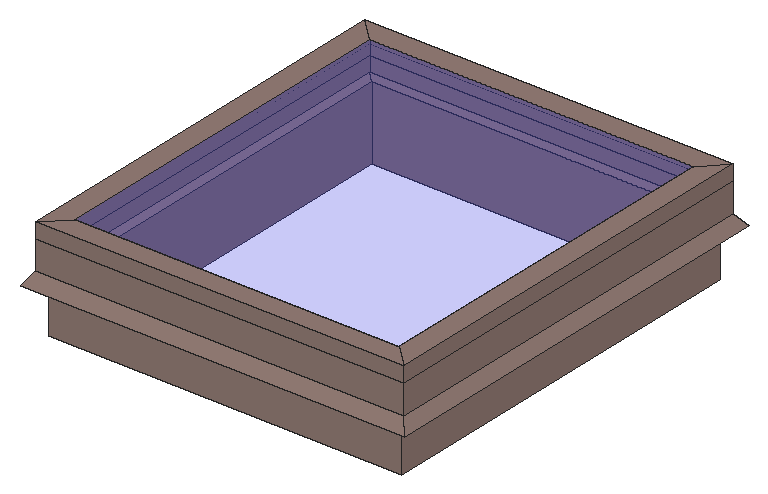
Revit family
Parameters (values of type "0610 x 0686mm")
  섀시 재료 = 금속 - 청동, 연한 브러시
  유리 창 재료 = 유리
  Height = 686.00 mm
  Type Comments = ""
  Width = 610.00 mm
  프레임 재료 = 금속 - 청동, 연한 브러시
Types (6, lengths in mm): name | Height | Width
  (no name) | 686.00 | 610.00
  0711 x 0965mm | 965.00 | 711.00
  0610 x 0686mm | 686.00 | 610.00
  0406 x 1170mm | 1170.00 | 406.00
  1180 x 1170mm | 1170.00 | 1118.00
  0711 x 1830mm | 1830.00 | 711.00
Reference planes
  plane 1 "지붕": z = 3657.6
  plane 2 "오른쪽": x = 279.84
  plane 3 "왼쪽": x = -330.16
  plane 4 "상단": y = 395.504
  plane 5 "하단": y = -290.496
  plane 6 "면": z = 3810
  plane 7 "중심(왼쪽/오른쪽)": x = -25.16
  plane 8 "중심(앞/뒤)": y = 52.504
Forms (mm)
  Sweep 1, solid, material "금속 - 청동, 연한 브러시" <- "프레임 재료"
    path origin (0, 0, 3810) x (-1, 0, 0) y (0, -1, 0)
      loop
        line (330.16, 290.496) -> (-279.84, 290.496) -> (-279.84, -395.504) -> (330.16, -395.504) -> (330.16, 290.496)
    profile origin (-25.16, 0, 3810) x (0, 1, 0) y (0, 0, 1)
      loop
        line (-246.046, 0) -> (-246.046, 127) -> (-265.096, 127) -> (-265.096, 152.4) -> (-290.496, 152.4) -> (-290.496, 0) -> (-246.046, 0)
  Sweep 2, solid, material "금속 - 청동, 연한 브러시" <- "섀시 재료"
    path origin (0, 0, 3810) x (-1, 0, 0) y (0, -1, 0)
      loop
        line (330.16, -395.504) -> (330.16, 290.496) -> (-279.84, 290.496) -> (-279.84, -395.504) -> (330.16, -395.504)
    profile origin (-25.16, 0, 3810) x (0, 1, 0) y (0, 0, 1)
      loop
        line (370.104, 152.4) -> (395.504, 152.4) -> (401.854, 152.4) -> (401.854, 99.598) -> (417.571, 77.151) -> (422.773, 80.794) -> (408.204, 101.6) -> (408.204, 152.4) -> (408.204, 177.8) -> (370.104, 177.8) -> (370.104, 152.4)
  Extrusion 3, solid, material "유리" <- "유리 창 재료"
    sketch origin (-304.76, -265.096, 3987.8) x (0, 1, 0) y (-1, 0, 0)
      loop
        line (0, 0) -> (0, -559.2) -> (635.2, -559.2) -> (635.2, 0) -> (0, 0)
    from 0 to -6.35
Lines and regions (mm)
  Opening 1
    outline origin (0, 0, 3810) x (0, 1, 0) y (-1, 0, 0)
      loop
        line (351.054, 285.71) -> (-246.046, 285.71) -> (-246.046, -235.39) -> (351.054, -235.39) -> (351.054, 285.71)
  sketch lines
    curve 1: line (-1599.76, 1436.904, 0) -> (1448.24, 1436.904, 0)
    curve 2: line (-1599.76, 1436.904, 0) -> (-1599.76, -1611.096, 0)
    curve 3: line (-1599.76, -1611.096, 0) -> (1448.24, -1611.096, 0)
    curve 4: line (1448.24, 1436.904, 0) -> (1448.24, -1611.096, 0)
  symbolic lines, style "WindowsFrameMullionProjection"
    curve 5: line (-330.16, 395.504, 3810) -> (279.84, 395.504, 3810)
    curve 6: line (-330.16, -290.496, 3810) -> (-330.16, 395.504, 3810)
    curve 7: line (279.84, -290.496, 3810) -> (-330.16, -290.496, 3810)
    curve 8: line (279.84, 395.504, 3810) -> (279.84, -290.496, 3810)
    curve 9: line (-304.76, 370.104, 3810) -> (254.44, 370.104, 3810)
    curve 10: line (-304.76, -265.096, 3810) -> (-304.76, 370.104, 3810)
    curve 11: line (254.44, -265.096, 3810) -> (-304.76, -265.096, 3810)
    curve 12: line (254.44, 370.104, 3810) -> (254.44, -265.096, 3810)
Dimensions and locks
  curve 2 to curve 4 = 3048.00 mm
  curve 3 to curve 1 = 3048.00 mm
  "Width": plane 3 "왼쪽" to plane 2 "오른쪽"
  "Height": plane 5 "하단" to plane 4 "상단"
  equal spacing: plane 3 "왼쪽", plane 7 "중심(왼쪽/오른쪽)", plane 2 "오른쪽"
  equal spacing: plane 5 "하단", plane 8 "중심(앞/뒤)", plane 4 "상단"
  aligned and locked: level to plane 1 "지붕"
  aligned and locked: plane 6 "면" to host roof
Automatic sketch dimensions
  Opening 1 sketch curve to plane 3 "왼쪽" = 44.45 mm
  plane 5 "하단" to Opening 1 sketch curve = 44.45 mm
  plane 4 "상단" to Opening 1 sketch curve = 44.45 mm
  plane 2 "오른쪽" to Opening 1 sketch curve = 44.45 mm
  Sweep 1 sketch curve to plane 2 "오른쪽" = 0.00 mm
  Sweep 1 sketch curve to plane 3 "왼쪽" = 0.00 mm
  Sweep 1 sketch curve to plane 4 "상단" = 0.00 mm
  Sweep 1 sketch curve to plane 5 "하단" = 0.00 mm
  Sweep 1 sketch curve to plane 6 "면" = 0.00 mm
  Sweep 1 sketch curve to profile plane = 0.00 mm
  Sweep 1 sketch curve to profile plane = 25.40 mm
  Sweep 1 sketch curve to Sweep 1 sketch curve = 19.05 mm
  Sweep 1 sketch curve to plane 6 "면" = 127.00 mm
  Sweep 1 sketch curve to Sweep 1 sketch curve = 25.40 mm
  Sweep 2 sketch curve to plane 2 "오른쪽" = 0.00 mm
  Sweep 2 sketch curve to plane 3 "왼쪽" = 0.00 mm
  Sweep 2 sketch curve to plane 4 "상단" = 0.00 mm
  Sweep 2 sketch curve to plane 5 "하단" = 0.00 mm
  Sweep 2 sketch curve to profile plane = 0.00 mm
  profile plane to Sweep 2 sketch curve = 25.40 mm
  Sweep 2 sketch curve to profile plane = 6.35 mm
  Sweep 2 sketch curve to profile plane = 12.70 mm
  Sweep 2 sketch curve to profile plane = 22.067 mm
  Sweep 2 sketch curve to Sweep 2 sketch curve = 5.202 mm
  Sweep 2 sketch curve to plane 6 "면" = 77.151 mm
  Sweep 2 sketch curve to Sweep 2 sketch curve = 3.642 mm
  Sweep 2 sketch curve to Sweep 2 sketch curve = 50.80 mm
  Sweep 2 sketch curve to Sweep 2 sketch curve = 0.00 mm
  Sweep 2 sketch curve to Sweep 2 sketch curve = 25.40 mm
  plane 2 "오른쪽" to Extrusion 3 sketch curve = 25.40 mm
  plane 5 "하단" to Extrusion 3 sketch curve = 25.40 mm
  Extrusion 3 sketch curve to plane 3 "왼쪽" = 25.40 mm
  plane 4 "상단" to Extrusion 3 sketch curve = 25.40 mm
  curve 5 to plane 3 "왼쪽" = 0.00 mm
  curve 8 to plane 2 "오른쪽" = 0.00 mm
  curve 7 to plane 5 "하단" = 0.00 mm
  curve 6 to plane 4 "상단" = 0.00 mm
  curve 9 to plane 3 "왼쪽" = 25.40 mm
  plane 2 "오른쪽" to curve 9 = 25.40 mm
  plane 5 "하단" to curve 11 = 25.40 mm
  plane 4 "상단" to curve 9 = 25.40 mm
